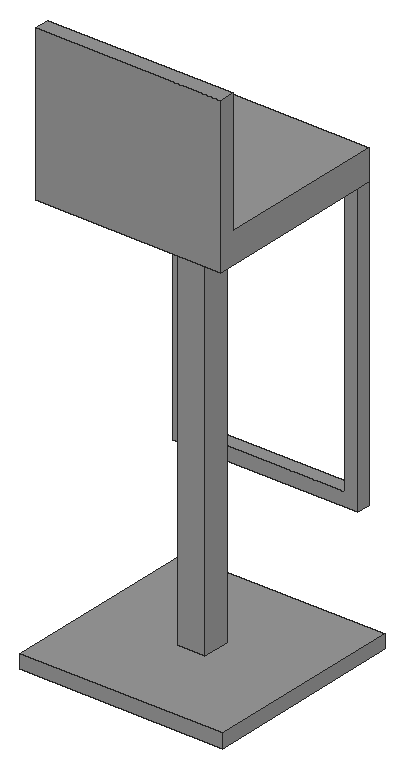
Revit family "JT_sgabello", category Modelli generici, host Pavimento, Revit 2013
Parameters
  tessuto = Pelle - Marrone scuro
  spessore seduta = 2 * spessore schienale  # 8 cm
  spessore schienale = 4 cm
  spessore poggiapiedi = 3.5 cm
  spessore base = 3.5 cm
  lunghezza seduta = larghezza seduta  # 48 cm
  lunghezza base = larghezza base  # 52.5 cm
  larghezza seduta = 6 * spessore seduta  # 48 cm
  spessore gamba = 2 * spessore poggiapiedi  # 7 cm
  larghezza base = 15 * spessore base  # 52.5 cm
  altezza schienale = 8 * spessore schienale  # 32 cm
  altezza poggiapiedi = 30 cm
  altezza gamba = 30 * spessore poggiapiedi  # 105 cm
  alluminio = Palladio
Reference planes (cm)
  plane 1 "Centro (Fronte/Retro)": y = 0
  plane 2: z = 0
  plane 3 "Centro (Sinistra/Destra)": x = 0
  plane 4: x = -26.25
  plane 5: x = 26.25
  plane 6: y = 26.25
  plane 7: y = -26.25
  plane 8: z = 3.5
  plane 9: z = 108.5
  plane 10: y = 3.5
  plane 11: y = -3.5
  plane 12: x = -3.5
  plane 13: x = 3.5
  plane 14: y = 24
  plane 15: x = -24
  plane 16: y = -24
  plane 17: x = 24
  plane 18: z = 116.5
  plane 19: z = 148.5
  plane 20: y = -20
  plane 21: y = 20.5
  plane 22: z = 33.5
  plane 23: z = 37
  plane 24: x = 20.5
  plane 25: x = -20.5
Forms (cm)
  Extrusion 1, solid, material "Palladio" <- "alluminio"
    sketch origin (0, 0, 0) x (1, 0, 0) y (0, 1, 0)
      loop
        line (-26.25, 26.25) -> (-26.25, -26.25) -> (26.25, -26.25) -> (26.25, 26.25) -> (-26.25, 26.25)
    from 0 to 3.5
  Extrusion 2, solid, material "Palladio" <- "alluminio"
    sketch origin (0, 0, 0) x (1, 0, 0) y (0, 1, 0)
      loop
        line (-3.5, 3.5) -> (-3.5, -3.5) -> (3.5, -3.5) -> (3.5, 3.5) -> (-3.5, 3.5)
    from 3.5 to 108.5
  Extrusion 3, solid, material "Pelle - Marrone scuro" <- "tessuto"
    sketch origin (0, 0, 0) x (1, 0, 0) y (0, 1, 0)
      loop
        line (-24, 24) -> (-24, -24) -> (24, -24) -> (24, 24) -> (-24, 24)
    from 108.5 to 116.5
  Extrusion 4, solid, material "Pelle - Marrone scuro" <- "tessuto"
    sketch origin (0, 0, 0) x (0, 1, 0) y (0, 0, 1)
      loop
        line (-24, 148.5) -> (-24, 116.5) -> (-20, 116.5) -> (-20, 148.5) -> (-24, 148.5)
    from -24 to 24
  Extrusion 5, solid, material "Palladio" <- "alluminio"
    sketch origin (0, 0, 12) x (0, 1, 0) y (0, 0, 1)
      loop
        line (20.5, 25) -> (20.5, 21.5) -> (24, 21.5) -> (24, 25) -> (20.5, 25)
    from -24 to 24
  Extrusion 6, solid, material "Palladio" <- "alluminio"
    sketch origin (0, 0, 0) x (0, 1, 0) y (0, 0, 1)
      loop
        line (20.5, 108.5) -> (20.5, 37) -> (24, 37) -> (24, 108.5) -> (20.5, 108.5)
    from 24 to 20.5
  Extrusion 7, solid, material "Palladio" <- "alluminio"
    sketch origin (0, 0, 0) x (1, 0, 0) y (0, 1, 0)
      loop
        line (-24, 24) -> (-24, 20.5) -> (-20.5, 20.5) -> (-20.5, 24) -> (-24, 24)
    from 37 to 108.5
Cuts and joins
  joined: Extrusion 1, Extrusion 2
  joined: Extrusion 3, Extrusion 4
  joined: Extrusion 5, Extrusion 6, Extrusion 7
Dimensions and locks (cm)
  equal spacing: plane 4, plane 3 "Centro (Sinistra/Destra)", plane 5
  equal spacing: plane 6, plane 1 "Centro (Fronte/Retro)", plane 7
  "lunghezza base": plane 6 to plane 7
  "larghezza base": plane 4 to plane 5
  "spessore base": plane 8 to plane 2
  equal spacing: plane 12, plane 3 "Centro (Sinistra/Destra)", plane 13
  "spessore gamba": plane 12 to plane 13
  equal spacing: plane 10, plane 1 "Centro (Fronte/Retro)", plane 11
  "altezza gamba": plane 9 to plane 8
  equal spacing: plane 15, plane 3 "Centro (Sinistra/Destra)", plane 17
  equal spacing: plane 14, plane 1 "Centro (Fronte/Retro)", plane 16
  "lunghezza seduta": plane 14 to plane 16
  "larghezza seduta": plane 15 to plane 17
  "spessore schienale": plane 16 to plane 20
  "altezza schienale": plane 19 to plane 18
  "altezza poggiapiedi": plane 22 to plane 8
  "spessore seduta": plane 18 to plane 9
  "spessore poggiapiedi": plane 21 to plane 14
  "spessore poggiapiedi": plane 23 to plane 22
  "spessore poggiapiedi": plane 25 to plane 15
  "spessore poggiapiedi": plane 17 to plane 24
  "spessore gamba": plane 10 to plane 11
  aligned and locked: level to plane 2
  aligned and locked: plane 6 to Extrusion 1
  aligned and locked: Extrusion 1 to plane 7
  aligned and locked: plane 5 to Extrusion 1
  aligned and locked: Extrusion 1 to plane 4
  aligned and locked: plane 8 to Extrusion 1
  aligned and locked: plane 10 to Extrusion 2
  aligned and locked: plane 13 to Extrusion 2
  aligned and locked: Extrusion 2 to plane 11
  aligned and locked: Extrusion 2 to plane 12
  aligned and locked: Extrusion 2 to plane 8
  aligned and locked: plane 9 to Extrusion 2
  aligned and locked: plane 14 to Extrusion 3
  aligned and locked: plane 17 to Extrusion 3
  aligned and locked: Extrusion 3 to plane 16
  aligned and locked: Extrusion 3 to plane 15
  aligned and locked: Extrusion 3 to plane 9
  aligned and locked: plane 18 to Extrusion 3
  aligned and locked: Extrusion 4 to plane 18
  aligned and locked: plane 19 to Extrusion 4
  aligned and locked: plane 20 to Extrusion 4
  aligned and locked: Extrusion 4 to plane 16
  aligned and locked: Extrusion 4 to plane 15
  aligned and locked: plane 14 to Extrusion 5
  aligned and locked: Extrusion 5 to plane 22
  aligned and locked: Extrusion 5 to plane 21
  aligned and locked: Extrusion 5 to plane 15
  aligned and locked: plane 17 to Extrusion 5
  aligned and locked: plane 23 to Extrusion 5
  aligned and locked: plane 9 to Extrusion 6
  aligned and locked: Extrusion 6 to plane 23
  aligned and locked: Extrusion 6 to plane 21
  aligned and locked: plane 14 to Extrusion 6
  aligned and locked: plane 14 to Extrusion 7
  aligned and locked: plane 25 to Extrusion 7
  aligned and locked: Extrusion 7 to plane 21
  aligned and locked: Extrusion 7 to plane 15
  aligned and locked: plane 9 to Extrusion 7
  aligned and locked: Extrusion 7 to plane 23
  aligned and locked: Extrusion 6 to plane 24
  aligned and locked: plane 17 to Extrusion 6
  aligned and locked: plane 17 to Extrusion 4
Automatic sketch dimensions
  Extrusion 1 sketch curve to plane 4 = 0 cm
  Extrusion 1 sketch curve to plane 5 = 0 cm
  Extrusion 1 sketch curve to plane 7 = 0 cm
  Extrusion 1 sketch curve to plane 6 = 0 cm
  Extrusion 2 sketch curve to plane 12 = 0 cm
  Extrusion 2 sketch curve to plane 11 = 0 cm
  Extrusion 2 sketch curve to plane 5 = 22.75 cm
  plane 10 to Extrusion 2 sketch curve = 0 cm
  plane 4 to Extrusion 3 sketch curve = 2.25 cm
  plane 7 to Extrusion 3 sketch curve = 2.25 cm
  Extrusion 3 sketch curve to plane 5 = 2.25 cm
  Extrusion 3 sketch curve to plane 6 = 2.25 cm
  Extrusion 4 sketch curve to plane 18 = 0 cm
  plane 7 to Extrusion 4 sketch curve = 2.25 cm
  plane 19 to Extrusion 4 sketch curve = 0 cm
  Extrusion 4 sketch curve to plane 11 = 16.5 cm
  plane 10 to Extrusion 5 sketch curve = 17 cm
  plane 22 to Extrusion 5 sketch curve = 0 cm
  Extrusion 5 sketch curve to plane 6 = 2.25 cm
  Extrusion 5 sketch curve to plane 18 = 79.5 cm
  plane 10 to Extrusion 6 sketch curve = 17 cm
  plane 22 to Extrusion 6 sketch curve = 3.5 cm
  Extrusion 6 sketch curve to plane 6 = 2.25 cm
  Extrusion 6 sketch curve to plane 18 = 8 cm
  plane 4 to Extrusion 7 sketch curve = 2.25 cm
  plane 10 to Extrusion 7 sketch curve = 17 cm
  Extrusion 7 sketch curve to plane 12 = 17 cm
  Extrusion 7 sketch curve to plane 6 = 2.25 cm
